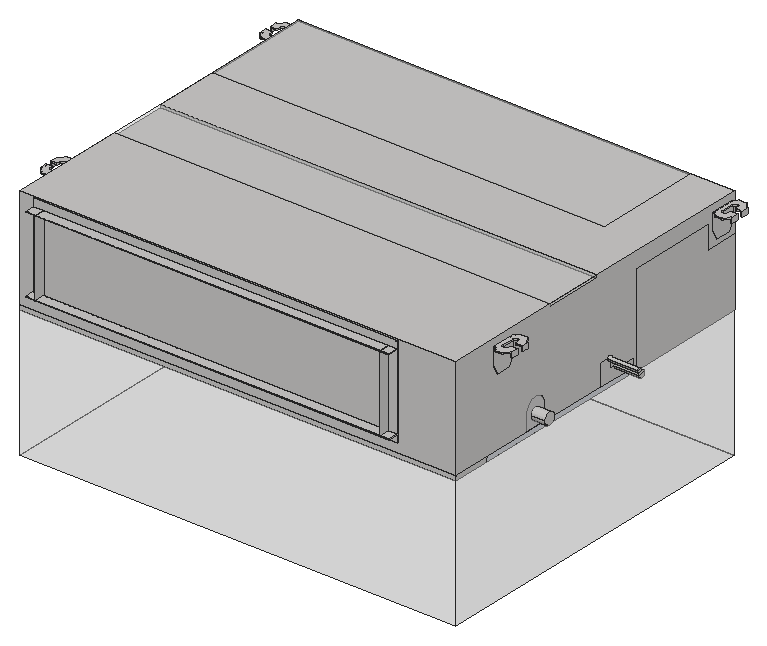
Revit family "outputfile", category 機械設備, Revit 2024
Family settings
  丸型コネクタ寸法 = 半径を使用
  パーツ タイプ = 標準
  OmniClass 番号 = 23.75.10.24.21.27.27
  OmniClass タイトル = Split System Air Conditioning Units
  作業面ベース = いいえ
  常に垂直 = はい
  ロード時にボイドで切り取り = いいえ
  注釈の向きを維持 = いいえ
  共有 = いいえ
  部屋計算ポイント = はい
Parameters (values of type "FXDBQ80AVM")
  Description = ""
  書き出し IFC クラス(タイプ) = "IfcUnitaryEquipmentType"
  定義済み IFC タイプ(タイプ) = "AIRCONDITIONINGUNIT"
  Cost = 0
  Type Comments = ""
  Keynote = ""
  Type Image = (empty or 0)
  Assembly Code = ""
  lh_liquidpipe = [h***] + 60.0 mm  # 60.0 mm
  lh_RA [instance] = if(Rear Connection_Return Air, 125.25 mm + [h***], 245.0 mm + [h***])  # 125.25 mm
  ld_RA_length [instance] = if(Rear Connection_Return Air, 245.0 mm, 126.0 mm)  # 245.0 mm
  l_liquidpipe_length [instance] = 571.0 mm
  l_gaspipe_length [instance] = 558.0 mm
  l_drainpipe_length [instance] = 533.0 mm
  angle_vertica [instance] = 90.00°
  angle horizontal [instance] = if(Right Connection_refrigerant, 180.00°, 0.00°)  # 180.00°
  URL = ""
  Right Connection_refrigerant [instance] = yes
  製造元 = "Daikin"
  モデル = "FXDBQ80AVM"
  w_pipe = 33.0 mm
  r_Liquid Pipe Size = Liquid Pipe Size / 2  # 4.75 mm
  r_Gas Pipe Size = Gas Pipe Size / 2  # 7.95 mm
  r_Drain Pipe Size = Drain Pipe Size / 2  # 12.5 mm
  lw_powersupply = 454.0 mm
  lw_ductflange2 = 902.0 mm
  lw_Width = 835.0 mm
  lh_suctionflange [instance] = 125.25 mm
  ld_suctionflange [instance] = if(Rear Connection_Return Air, 190.0 mm, 100.0 mm)  # 190.0 mm
  ld_powersupply = 60.0 mm
  angle_vertical_RA [instance] = if(Rear Connection_Return Air, 90.00°, 0.00°)  # 90.00°
  angle horizontal_RA [instance] = if(Rear Connection_Return Air, 180.00°, 270.00°)  # 180.00°
  Voltage_comment_60Hz = "220-230"
  Voltage_comment_50Hz = "220-240"
  Voltage_60Hz = 220 V
  Voltage_50Hz = 230 V
  Supply Air Direction [instance] = yes
  Sound Power Level_H speed (dB) = 0
  Rear Connection_Return Air [instance] = not(Bottom Connection_Return Air)  # yes
  RA_length [instance] = 245.0 mm  # constant formula
  Phase_60Hz = 1
  Phase_50Hz = 1
  Minimum External Static Pressure = 15.00 Pa
  Minimum Circuit Amps_60Hz = 1.8 A
  Minimum Circuit Amps_50Hz = 1.8 A
  Maximum Fuse Amps_60Hz = 16.0 A
  Maximum Fuse Amps_50Hz = 16.0 A
  Maximum External Static Pressure = 50.00 Pa
  Material_Casing = DAIKIN_GalvanizedSteel_Casing_indoorunit
  lw_liquidpipe = 71.0 mm  # constant formula
  lw_gaspipe = 58.0 mm  # constant formula
  lw_mountinghole_pitch = 1038.0 mm
  lw_mountinghole = 20.0 mm  # constant formula
  lw_drainpipe = 33.0 mm  # constant formula
  lh_powersupply = 10.0 mm
  lh_gaspipe = [h***] + 38.0 mm  # 38.0 mm
  lh_mountinghole = Height - 15.0 mm + [h***]  # 230.0 mm
  lh_drainpipe = 150.0 mm
  lh_antena = 16.0 mm  # constant formula
  ld_liquidpipe = 193.0 mm  # constant formula
  ld_gaspipe = 130.0 mm  # constant formula
  ld_mountinghole_pitch = 630.0 mm  # constant formula
  ld_drainpipe = 280.0 mm
  ld_controlbox = 626.0 mm  # constant formula
  h*** = 0.0 mm  # constant formula
  d_dischargeflange = 25.0 mm  # constant formula
  Width = 1000.0 mm
  Version = "ver.1.0"
  Unit Type = "3D Airflow Duct with Sensing Type"
  Unit Mass Weight = 36.00 kg
  Unit Designation [instance] = ""
  Uniclass2015Version = "Products v1.30"
  Uniclass2015Title = "Variable refrigerant flow units"
  Uniclass2015Code = "Pr_70_65_03_94"
  Total Heating Capacity [instance] = 0.000 kW
  Total Cooling Capacity [instance] = 0.000 kW
  Sound Pressure Level_M speed (dBA) = 0
  Sound Pressure Level_L speed (dBA) = 30
  Sound Pressure Level_H speed (dBA) = 37
  Series = "VRV Fan Coil Unit"
  Sensible Cooling Capacity [instance] = 0.000 kW
  SA Duct Size Width = 790.0 mm
  SA Duct Size Height = 174.0 mm
  Refrigerant Type = "R410A"
  RA Duct Size Width = 862.0 mm
  RA Duct Size Height [instance] = if(Rear Connection_Return Air, 202.6 mm, 204.0 mm)  # 202.6 mm
  Power Input (Heating) = 0.120 kW
  Power Input (Cooling) = 0.120 kW
  Option Accessory 3 [instance] = ""
  Option Accessory 2 [instance] = ""
  Option Accessory 1 [instance] = ""
  Nominal Heating Capacity = 10.000 kW
  Nominal Cooling Capacity = 9.000 kW
  Minimum Airflow = 1080.00 m³/h
  Median Airflow = 1200.00 m³/h
  Maximum Airflow = 1500.00 m³/h
  Load Classification = HVAC
  Liquid Pipe Size = 9.5 mm
  Link_Nested Family [instance] = ""
  Left Connection_refrigerant [instance] = no
  IfcVersion = "0"
  IfcExportType = "AIRCONDITIONINGUNIT"
  IfcExportAs = "IfcUnitaryEquipmentType"
  Height = 245.0 mm
  Heating Entering Wet Bulb Temperature [instance] = 0.00 °C
  Heating Entering Dry Bulb Temperature [instance] = 0.00 °C
  Heating Ambient Wet Bulb Temperature [instance] = 0.00 °C
  Heating Ambient Dry Bulb Temperature [instance] = 0.00 °C
  Heat Exchanger Type = "Cross Fin Coil"
  Gas Pipe Size = 15.9 mm
  Frequency_60Hz = 60 Hz
  Frequency_50Hz = 50 Hz
  Fan Type = "Sirocco Fan"
  Fan Drive = "Direct Drive"
  FCU Tag No. [instance] = ""
  Drain Pipe Size = 25.0 mm
  Design Supply Airflow [instance] = 0.00 m³/h
  Design Return Airflow [instance] = 0.00 m³/h
  Design External Static Pressure [instance] = 0.00 Pa
  Depth = 800.0 mm
  既定の高さ = 0.0 mm
  Cooling Entering Wet Bulb Temperature [instance] = 0.00 °C
  Cooling Entering Dry Bulb Temperature [instance] = 0.00 °C
  Cooling Ambient Wet Bulb Temperature [instance] = 0.00 °C
  Cooling Ambient Dry Bulb Temperature [instance] = 0.00 °C
  Clearance visibility [instance] = yes
  Clearance Top = 0.0 mm
  Clearance Right = 0.0 mm
  Clearance Rear = 0.0 mm
  Clearance Left = 0.0 mm
  Clearance Front = 0.0 mm
  Clearance Bottom = 300.0 mm
  Bottom Connection_Return Air [instance] = no
Reference planes
  plane 1 "Center (Front/Back)": y = 0
  plane 2: z = 0
  plane 3 "Center (Left/Right)": x = 0
  plane 4 "Back": y = 400
  plane 5 "Front": y = -400
  plane 6 "Left": x = -500
  plane 7 "Right": x = 500
  plane 8 "Top": z = 0
  plane 9 "Bottom": z = -245
  plane 10: x = 330
  plane 11: x = -330
  plane 12: z = -235
  plane 13: z = -6
  plane 14: z = -67
  plane 15: z = -185
  plane 16: z = -207
  plane 17: x = -304
  plane 18: x = 304
  plane 19: x = -519
  plane 20: x = 519
  plane 21: x = -539
  plane 22: x = 390
  plane 23: x = 571
  plane 24: x = 558
  plane 25: x = 533
  plane 26: z = -15
  plane 27: z = -95
  plane 28 "Clearance Left": x = -500
  plane 29 "Clearance Right": x = 500
  plane 30 "Clearance Rear": y = 400
  plane 31 "Clearance Front": y = -400
  plane 32 "Clearance Top": z = 0
  plane 33 "Clearance Bottom": z = -545
  plane 34: z = -21
  plane 35: z = -206
  plane 36: z = -141.5
  plane 37: x = -40
  plane 38: y = 61
  plane 39: y = 39
  plane 40: y = -30
  plane 41: y = -171
  plane 42: z = -97.5
  plane 43: y = -400
  plane 44: x = -499
  plane 45: z = -145
  plane 46: z = -355
  plane 47: y = 210
  plane 48: z = 331
  plane 49: z = -244
  plane 50: y = 210
  plane 51: z = -146
  plane 52: x = 533
  plane 53: x = 495
  plane 54: x = 505
  plane 55: x = 501
  plane 56: x = 401
  plane 57: x = 499.004
  plane 58: x = -499
  plane 59: x = 454
  plane 60: z = -108
  plane 61: z = -234
  plane 62: x = -467
  plane 63: z = -3
  plane 64: x = -49.5
  plane 65: z = -1
  plane 66: y = 155
  plane 67: x = -50
  plane 68: y = -266
  plane 69: y = 364
  plane 70: z = -15
  plane 71: z = -185
  plane 72: z = -207
  plane 73: x = -533
  plane 74: x = -501
  plane 75: x = -571
  plane 76: x = -558
  plane 77: y = 280.25
  plane 78: z = 125.25
  plane 79: y = 117.5
  plane 80: z = -36.4
  plane 81: y = 399
Forms (mm)
  Extrusion 1, solid
    sketch origin (0, 0, 0) x (1, 0, 0) y (0, 0, 1)
      loop
        line (-500, -235) -> (-500, -245) -> (500, -245) -> (500, -235) -> (-500, -235)
    from -116.5 to 310
  Extrusion 2, solid, material "DAIKIN_GalvanizedSteel_Casing_indoorunit" <- "Material_Casing"
    sketch origin (0, 0, 0) x (1, 0, 0) y (0, 1, 0)
      loop
        line (-500, -400) -> (500, -400) -> (500, 400) -> (-500, 400) -> (-500, -400)
    from -245 to 0
  Extrusion 3, void
    sketch origin (0, 0, 1) x (1, 0, 0) y (0, 1, 0)
      loop
        line (-500, -128.821) -> (500, -128.821) -> (500, 4.179) -> (-500, 4.179) -> (-500, -128.821)
    from -1 to -7
  Revolve 4, solid, material "DAIKIN_GalvanizedSteel_Casing_indoorunit" <- "Material_Casing"
    sketch origin (0, 0, -207) x (0, -1, 0) y (1, 0, 0)
      loop
        line (-68.95, 501) -> (-61, 501) -> (-61, 558) -> (-68.95, 558) -> (-68.95, 501)
      axis (-61, 501) -> (-61, 558)
    angle from 0 to 360
  Revolve 5, solid, material "DAIKIN_GalvanizedSteel_Casing_indoorunit" <- "Material_Casing"
    sketch origin (0, 0, -185) x (0, -1, 0) y (1, 0, 0)
      loop
        line (-39, 501) -> (-39, 571) -> (-43.75, 571) -> (-43.75, 501) -> (-39, 501)
      axis (-39, 571) -> (-39, 501)
    angle from 0 to 360
  Extrusion 6, solid, material "DAIKIN_GalvanizedSteel_Casing_indoorunit" <- "Material_Casing"
    sketch origin (0, 0, 0) x (0, 1, 0) y (0, 0, 1)
      loop
        circle (-171, -206) r 13
    from 533 to 499.004
  Extrusion 7, solid, material "DAIKIN_GalvanizedSteel_Casing_indoorunit" <- "Material_Casing"
    sketch origin (0, 0, 0) x (1, 0, 0) y (0, 0, 1)
      loop
        line (-500, -235) -> (-500, -245) -> (500, -245) -> (500, -235) -> (-500, -235)
    from -116.5 to 400
  Extrusion 8, void
    sketch origin (0, 0, 0) x (1, 0, 0) y (0, 0, 1)
      loop
        line (401, 0) -> (-499, 0) -> (-499, -1) -> (401, -1) -> (401, 0)
    from -400 to -152.5
  Extrusion 9, solid, material "DAIKIN_GalvanizedSteel_Casing_indoorunit" <- "Material_Casing", visible <- "Rear Connection_Return Air"
    sketch origin (0, 0, 0) x (1, 0, 0) y (0, 1, 0)
      loop
        line (-499, 400) -> (-499, 152.5) -> (401, 152.5) -> (401, 400) -> (-499, 400)
    from -245 to -244
  Extrusion 10, solid, material "DAIKIN_GalvanizedSteel_Casing_indoorunit" <- "Material_Casing", visible <- "Bottom Connection_Return Air"
    sketch origin (0, 0, 0) x (1, 0, 0) y (0, 0, 1)
      loop
        line (401, -1) -> (-499, -1) -> (-499, -245) -> (401, -245) -> (401, -1)
    from -400 to -399
  Extrusion 11, void
    sketch origin (0, 0, 0) x (0, 1, 0) y (0, 0, 1)
      loop
        arc (-143.5, -198.721) -> (-171, -171.221) -> (-198.5, -198.721) r 27.5
        line (-198.5, -198.721) -> (-198.5, -235) -> (-143.5, -235) -> (-143.5, -198.721)
    from 499.004 to 500
  Extrusion 12, solid, material "DAIKIN_GalvanizedSteel_Casing_indoorunit" <- "Material_Casing"
    sketch origin (0, 0, 0) x (0, 1, 0) y (0, 0, 1)
      loop
        line (35.8, -185) -> (16.8, -185) -> (16.8, -235) -> (107.3, -235) -> (107.3, -217) -> (67.3, -217) -> (67.3, -207)
        arc (67.3, -207) -> (60.975, -213.325) -> (54.65, -207) r 6.325
        line (54.65, -207) -> (42.2, -207) -> (42.2, -185)
        arc (42.2, -185) -> (39, -188.2) -> (35.8, -185) r 3.2
    from 500 to 501
  Extrusion 13, void
    sketch origin (0, 0, 0) x (0, 1, 0) y (0, 0, -1)
      loop
        line (-143.5, 198.721) -> (-143.5, 235) -> (-198.5, 235) -> (-198.5, 198.721)
        arc (-198.5, 198.721) -> (-171, 171.221) -> (-143.5, 198.721) r 27.5
    from 499 to 500
  Extrusion 14, solid, material "DAIKIN_GalvanizedSteel_Casing_indoorunit" <- "Material_Casing"
    sketch origin (0, 0, 0) x (0, 1, 0) y (0, 0, -1)
      loop
        circle (-171, 206) r 13
    from 533 to 499
  Extrusion 15, solid, material "DAIKIN_GalvanizedSteel_Casing_indoorunit" <- "Material_Casing"
    sketch origin (0, 0, 0) x (0, 1, 0) y (0, 0, -1)
      loop
        arc (35.8, 185) -> (39, 188.2) -> (42.2, 185) r 3.2
        line (42.2, 185) -> (42.2, 207) -> (54.65, 207)
        arc (54.65, 207) -> (60.975, 213.325) -> (67.3, 207) r 6.325
        line (67.3, 207) -> (67.3, 217) -> (107.3, 217) -> (107.3, 235) -> (16.8, 235) -> (16.8, 185) -> (35.8, 185)
    from 500 to 501
  Revolve 16, solid, material "DAIKIN_GalvanizedSteel_Casing_indoorunit" <- "Material_Casing"
    sketch origin (0, 0, -185) x (0, -1, 0) y (1, 0, 0)
      loop
        line (-39, -501) -> (-43.75, -501) -> (-43.75, -571) -> (-39, -571) -> (-39, -501)
      axis (-39, -571) -> (-39, -501)
    angle from 0 to 360
  Revolve 17, solid, material "DAIKIN_GalvanizedSteel_Casing_indoorunit" <- "Material_Casing"
    sketch origin (0, 0, -207) x (0, -1, 0) y (1, 0, 0)
      loop
        line (-68.95, -501) -> (-68.95, -558) -> (-61, -558) -> (-61, -501) -> (-68.95, -501)
      axis (-61, -501) -> (-61, -558)
    angle from 0 to 360
  Extrusion 18, solid, material "DAIKIN_GalvanizedSteel_Casing_indoorunit" <- "Material_Casing"
    sketch origin (0, 0, 0) x (0, 1, 0) y (0, 0, 1)
      loop
        line (117.5, -36.4) -> (117.5, -245) -> (400, -245) -> (400, -88) -> (322.4, -88) -> (322.4, -36.4) -> (117.5, -36.4)
    from 501 to 500
Cuts and joins
  Extrusion 3, Extrusion 8, Extrusion 11, Extrusion 13 cuts Extrusion 2
  Extrusion 8, Extrusion 11, Extrusion 13 cuts Extrusion 7
Dimensions and locks
  "lh_powersupply": plane 12 to plane 9 "Bottom"
  locked: plane 8 "Top" to plane 13 at 6
  "Height": plane 8 "Top" to plane 9 "Bottom"
  equal spacing: plane 17, plane 3 "Center (Left/Right)", plane 18, locked at 304 each
  locked: plane 17 to plane 18 at 608
  equal spacing: plane 19, plane 3 "Center (Left/Right)", plane 20
  "lw_mountinghole_pitch": plane 19 to plane 20
  locked: plane 14 to plane 9 "Bottom" at 178
  "lw_mountinghole": plane 21 to plane 19
  locked: plane 15 to plane 9 "Bottom" at 60
  "lh_gaspipe": plane 16 to plane 9 "Bottom"
  "lh_mountinghole": plane 26 to plane 9 "Bottom"
  equal spacing: plane 6 "Left", plane 3 "Center (Left/Right)", plane 7 "Right"
  "Width": plane 6 "Left" to plane 7 "Right"
  "lh_drainpipe": plane 27 to plane 9 "Bottom"
  "Clearance Right": plane 7 "Right" to plane 29 "Clearance Right"
  "Clearance Left": plane 28 "Clearance Left" to plane 6 "Left"
  "lw_gaspipe": plane 7 "Right" to plane 24
  "lw_liquidpipe": plane 7 "Right" to plane 23
  "lw_drainpipe": plane 7 "Right" to plane 25
  "Clearance Rear": plane 30 "Clearance Rear" to plane 4 "Back"
  "Clearance Front": plane 5 "Front" to plane 31 "Clearance Front"
  "Clearance Top": plane 32 "Clearance Top" to plane 8 "Top"
  "Clearance Bottom": plane 9 "Bottom" to plane 33 "Clearance Bottom"
  locked: plane 8 "Top" to plane 34 at 21
  locked: plane 8 "Top" to plane 35 at 206
  locked: plane 36 to plane 9 "Bottom" at 103.5
  locked: plane 34 to plane 42 at 76.5
  locked: plane 44 to plane 6 "Left" at 1
  locked: plane 12 to plane 45 at 90
  locked: plane 46 to plane 33 "Clearance Bottom" at 190
  plane 48 to plane 26 = 346.0 mm
  locked: plane 49 to plane 9 "Bottom" at 1
  "ld_suctionflange": plane 4 "Back" to plane 50
  locked: plane 51 to plane 9 "Bottom" at 99
  locked: plane 7 "Right" to plane 52 at 33
  locked: plane 53 to plane 7 "Right" at 5
  locked: plane 7 "Right" to plane 54 at 5
  locked: plane 7 "Right" to plane 55 at 1
  plane 7 "Right" to plane 56 = 99.0 mm
  locked: plane 7 "Right" to plane 57 at 0.996
  locked: plane 58 to plane 6 "Left" at 1
  "lw_powersupply": plane 3 "Center (Left/Right)" to plane 59
  locked: plane 61 to plane 9 "Bottom" at 11
  locked: plane 6 "Left" to plane 62 at 33
  locked: plane 8 "Top" to plane 63 at 3
  locked: plane 8 "Top" to plane 65 at 1
  plane 66 to plane 4 "Back" = 245.0 mm
  "ld_mountinghole_pitch": plane 69 to plane 68
  locked: plane 8 "Top" to plane 70 at 15
  "Depth": plane 4 "Back" to plane 43
  equal spacing: plane 4 "Back", plane 1 "Center (Front/Back)", plane 43, locked at 400 each
  locked: plane 31 "Clearance Front" to plane 41 at 229
  locked: plane 31 "Clearance Front" to plane 39 at 439
  locked: plane 39 to plane 38 at 22
  locked: plane 8 "Top" to plane 71 at 185
  locked: plane 71 to plane 72 at 22
  locked: plane 60 to plane 9 "Bottom" at 137
  plane 72 to plane 9 "Bottom" = 38.0 mm
  locked: plane 73 to plane 6 "Left" at 33
  locked: plane 74 to plane 6 "Left" at 1
  locked: plane 75 to plane 6 "Left" at 71
  locked: plane 76 to plane 6 "Left" at 58
  "r_Liquid Pipe Size": Revolve 5 sketch curve to Revolve 5 sketch curve
  "r_Gas Pipe Size": Revolve 4 sketch curve to Revolve 4 sketch curve
  "lh_suctionflange": plane 78 to level
  "r_Liquid Pipe Size": Revolve 16 sketch curve to Revolve 16 sketch curve
  "r_Gas Pipe Size": Revolve 17 sketch curve to Revolve 17 sketch curve
  locked: plane 68 to plane 43 at 134
  "ld_RA_length": plane 30 "Clearance Rear" to plane 66
  locked: plane 30 "Clearance Rear" to Extrusion 9 sketch curve at 247.5
  locked: plane 79 to plane 30 "Clearance Rear" at 282.5
  locked: plane 80 to plane 9 "Bottom" at 208.6
  locked: Extrusion 18 sketch curve to Extrusion 18 sketch curve at 51.6
  locked: Extrusion 18 sketch curve to nested 8 at 77.6
  locked: plane 4 "Back" to plane 81 at 1
  aligned and locked: level to plane 2
  aligned and locked: Extrusion 2 to plane 9 "Bottom"
  aligned and locked: plane 8 "Top" to Extrusion 2
  aligned and locked: Revolve 4 sketch curve to Revolve 4 sketch curve
  aligned and locked: plane 20 to nested 2
  aligned and locked: plane 19 to nested 3
  aligned and locked: plane 19 to nested 4
  aligned and locked: nested 7 to plane 12
  aligned and locked: Extrusion 7 to plane 9 "Bottom"
  aligned and locked: Extrusion 6 sketch curve to plane 41
  aligned and locked: plane 4 "Back" to Extrusion 8
  aligned and locked: plane 8 "Top" to Extrusion 3
  aligned and locked: plane 9 "Bottom" to Extrusion 9  (x2)
  aligned and locked: Extrusion 9 to plane 49
  aligned and locked: Extrusion 8 to level
  aligned and locked: plane 30 "Clearance Rear" to nested 8
  aligned and locked: plane 29 "Clearance Right" to nested 8
  aligned and locked: plane 28 "Clearance Left" to nested 8
  aligned and locked: nested 8 to plane 32 "Clearance Top"
  aligned and locked: nested 8 to plane 33 "Clearance Bottom"
  aligned and locked: Extrusion 3 to plane 13
  aligned and locked: plane 7 "Right" to cut or joined group of Extrusion 2, Extrusion 3, Extrusion 8, Extrusion 11, Extrusion 13  (x2)
  aligned and locked: plane 52 to Extrusion 6
  aligned and locked: plane 56 to Extrusion 8 sketch curve
  aligned and locked: Extrusion 9 to plane 56
  aligned and locked: cut or joined group of Extrusion 2, Extrusion 3, Extrusion 8, Extrusion 11, Extrusion 13 to plane 43
  aligned and locked: nested 7 to plane 59
  aligned and locked: nested 6 to plane 1 "Center (Front/Back)"
  aligned and locked: plane 3 "Center (Left/Right)" to nested 6
  aligned and locked: plane 60 to nested 5  (x2)
  aligned and locked: nested 10 to plane 62
  aligned and locked: nested 10 to plane 63
  aligned and locked: plane 64 to nested 5
  aligned and locked: nested 11 to plane 58
  aligned and locked: plane 4 "Back" to nested 11
  aligned and locked: plane 65 to nested 11
  aligned and locked: plane 4 "Back" to Extrusion 10
  aligned and locked: plane 65 to Extrusion 10
  aligned and locked: Extrusion 10 to plane 9 "Bottom"
  aligned and locked: Extrusion 10 to plane 56
  aligned and locked: plane 4 "Back" to nested 7
  aligned and locked: nested 13 to plane 68
  aligned and locked: plane 6 "Left" to nested 13
  aligned and locked: plane 68 to nested 12
  aligned and locked: nested 12 to plane 7 "Right"
  aligned and locked: nested 15 to plane 69
  aligned and locked: plane 6 "Left" to nested 15
  aligned and locked: plane 69 to nested 14
  aligned and locked: nested 14 to plane 7 "Right"
  aligned and locked: plane 70 to nested 13
  aligned and locked: plane 70 to nested 15
  aligned and locked: plane 20 to nested 1
  aligned and locked: nested 1 to plane 69
  aligned and locked: nested 4 to plane 69
  aligned and locked: nested 3 to plane 68
  aligned and locked: nested 2 to plane 68
  aligned and locked: cut or joined group of Extrusion 2, Extrusion 3, Extrusion 8, Extrusion 11, Extrusion 13 to plane 57
  aligned and locked: Extrusion 6 to plane 57
  aligned and locked: nested 5 to plane 64
  aligned and locked: nested 5 to plane 43
  aligned and locked: cut or joined group of Extrusion 7, Extrusion 8, Extrusion 11, Extrusion 13 to plane 43
  aligned and locked: plane 7 "Right" to Extrusion 12
  aligned and locked: plane 55 to Extrusion 12
  aligned and locked: plane 71 to Revolve 5
  aligned and locked: plane 72 to Revolve 4
  aligned and locked: plane 72 to Extrusion 12
  aligned and locked: Extrusion 12 to plane 12
  aligned and locked: plane 71 to Extrusion 12
  aligned and locked: cut or joined group of Extrusion 2, Extrusion 3, Extrusion 8, Extrusion 11, Extrusion 13 to plane 6 "Left"  (x2)
  aligned and locked: plane 58 to cut or joined group of Extrusion 2, Extrusion 3, Extrusion 8, Extrusion 11, Extrusion 13
  aligned and locked: plane 58 to Extrusion 14
  aligned and locked: Extrusion 14 to plane 73
  aligned and locked: plane 6 "Left" to Extrusion 15
  aligned and locked: Extrusion 15 to plane 74
  aligned and locked: Revolve 16 to plane 74
  aligned and locked: Revolve 16 to plane 75
  aligned and locked: Revolve 17 sketch curve to Revolve 17 sketch curve
  aligned and locked: Revolve 17 to plane 74
  aligned and locked: Revolve 17 to plane 76
  aligned and locked: nested 16 to plane 39
  aligned and locked: nested 17 to plane 38
  aligned and locked: nested 17 to plane 3 "Center (Left/Right)"
  aligned and locked: plane 71 to Revolve 16
  aligned and locked: plane 72 to Revolve 17
  aligned and locked: plane 43 to nested 10
  aligned and locked: nested 8 to plane 43
  aligned and locked: nested 18 to plane 41
  aligned and locked: plane 3 "Center (Left/Right)" to nested 18
  aligned and locked: plane 35 to nested 18
  aligned and locked: nested 9 to plane 67  (x2)
  aligned and locked: nested 12 to plane 70
  aligned and locked: nested 14 to plane 70
  aligned and locked: nested 9 to plane 66
  aligned and locked: plane 29 "Clearance Right" to Extrusion 18
  aligned and locked: plane 55 to Extrusion 18
  aligned and locked: plane 80 to Extrusion 18
  aligned and locked: plane 79 to Extrusion 18
  aligned and locked: nested 19 to plane 9 "Bottom"
  aligned and locked: nested 19 to plane 56
  aligned and locked: nested 19 to plane 81
  aligned and locked: level to plane 8 "Top"
Automatic sketch dimensions
  Extrusion 1 sketch curve to plane 6 "Left" = 0.0 mm
  Extrusion 1 sketch curve to plane 7 "Right" = 0.0 mm
  Extrusion 1 sketch curve to plane 9 "Bottom" = 0.0 mm
  Extrusion 1 sketch curve to plane 12 = 0.0 mm
  Extrusion 2 sketch curve to plane 4 "Back" = 0.0 mm
  Extrusion 2 sketch curve to plane 6 "Left" = 0.0 mm
  Extrusion 2 sketch curve to plane 7 "Right" = 0.0 mm
  Extrusion 2 sketch curve to plane 43 = 0.0 mm
  Extrusion 3 sketch curve to plane 6 "Left" = 0.0 mm
  Extrusion 3 sketch curve to plane 7 "Right" = 0.0 mm
  plane 41 to Extrusion 3 sketch curve = 42.179 mm
  Extrusion 3 sketch curve to plane 1 "Center (Front/Back)" = 4.179 mm
  Revolve 4 sketch curve to plane 24 = 0.0 mm
  Revolve 4 sketch curve to plane 38 = 0.0 mm
  Revolve 4 sketch curve to plane 55 = 0.0 mm
  plane 55 to Revolve 4 sketch curve = 1.003 mm
  plane 24 to Revolve 4 sketch curve = 1.003 mm
  Revolve 5 sketch curve to plane 39 = 0.0 mm  (x2)
  Revolve 5 sketch curve to plane 23 = 0.0 mm  (x2)
  Revolve 5 sketch curve to plane 55 = 0.0 mm  (x2)
  Extrusion 6 sketch curve to plane 35 = 0.0 mm
  Extrusion 7 sketch curve to plane 6 "Left" = 0.0 mm
  Extrusion 7 sketch curve to plane 7 "Right" = 0.0 mm
  Extrusion 7 sketch curve to plane 9 "Bottom" = 0.0 mm
  Extrusion 7 sketch curve to plane 12 = 0.0 mm
  Extrusion 9 sketch curve to plane 44 = 0.0 mm
  Extrusion 9 sketch curve to plane 4 "Back" = 0.0 mm
  Extrusion 9 sketch curve to plane 56 = 0.0 mm
  Extrusion 10 sketch curve to plane 44 = 0.0 mm
  Extrusion 10 sketch curve to plane 9 "Bottom" = 0.0 mm
  Extrusion 10 sketch curve to plane 56 = 0.0 mm
  Extrusion 10 sketch curve to plane 65 = 0.0 mm
  Extrusion 11 sketch curve to plane 12 = 0.0 mm
  Extrusion 11 sketch curve to plane 41 = 0.0 mm
  Extrusion 11 sketch curve to plane 41 = 27.5 mm
  plane 35 to Extrusion 11 sketch curve = 7.279 mm
  Extrusion 12 sketch curve to plane 15 = 0.0 mm
  Extrusion 12 sketch curve to plane 12 = 0.0 mm
  Extrusion 12 sketch curve to plane 39 = 0.0 mm
  Extrusion 12 sketch curve to plane 72 = 0.0 mm
  Extrusion 12 sketch curve to Extrusion 12 sketch curve = 3.2 mm
  Extrusion 12 sketch curve to plane 1 "Center (Front/Back)" = 16.8 mm
  Extrusion 12 sketch curve to plane 38 = 6.35 mm
  Extrusion 12 sketch curve to plane 38 = 0.025 mm
  Extrusion 12 sketch curve to Extrusion 12 sketch curve = 40.0 mm
  Extrusion 12 sketch curve to Extrusion 12 sketch curve = 10.0 mm
  Extrusion 13 sketch curve to plane 12 = 0.0 mm
  Extrusion 13 sketch curve to plane 41 = 0.0 mm
  Extrusion 13 sketch curve to plane 41 = 27.5 mm
  plane 35 to Extrusion 13 sketch curve = 7.279 mm
  Extrusion 14 sketch curve to plane 35 = 0.0 mm
  Extrusion 14 sketch curve to plane 41 = 0.0 mm
  Extrusion 15 sketch curve to plane 15 = 0.0 mm
  Extrusion 15 sketch curve to plane 12 = 0.0 mm
  Extrusion 15 sketch curve to plane 39 = 0.0 mm
  Extrusion 15 sketch curve to plane 72 = 0.0 mm
  Extrusion 15 sketch curve to Extrusion 15 sketch curve = 3.2 mm
  Extrusion 15 sketch curve to plane 1 "Center (Front/Back)" = 16.8 mm
  Extrusion 15 sketch curve to plane 38 = 6.35 mm
  Extrusion 15 sketch curve to plane 38 = 0.025 mm
  Extrusion 15 sketch curve to Extrusion 15 sketch curve = 40.0 mm
  Extrusion 15 sketch curve to Extrusion 15 sketch curve = 10.0 mm
  Revolve 16 sketch curve to plane 74 = 0.0 mm  (x2)
  Revolve 16 sketch curve to plane 75 = 0.0 mm  (x2)
  Revolve 16 sketch curve to plane 39 = 0.0 mm  (x2)
  Revolve 17 sketch curve to plane 74 = 0.0 mm
  Revolve 17 sketch curve to plane 38 = 0.0 mm
  plane 75 to Revolve 17 sketch curve = 13.0 mm
  Revolve 17 sketch curve to plane 74 = 1.003 mm
  Revolve 17 sketch curve to Revolve 17 sketch curve = 1.003 mm
  Extrusion 8 sketch curve to plane 44 = 0.0 mm
  Extrusion 8 sketch curve to level = 0.0 mm
  Extrusion 8 sketch curve to plane 65 = 0.0 mm
  Extrusion 18 sketch curve to plane 9 "Bottom" = 0.0 mm
  Extrusion 18 sketch curve to plane 79 = 0.0 mm
  Extrusion 18 sketch curve to plane 80 = 0.0 mm
  Extrusion 18 sketch curve to plane 4 "Back" = 0.0 mm
  radius of Extrusion 6 sketch curve = 13.0 mm
  radius of Extrusion 14 sketch curve = 13.0 mm
Nested families
  nested 1: "daikin_mountinghole" at (519, 364, -245), l_antenna <- "lh_antena", Link_Nested Family <- "Link_Nested Family", h_mountinghole <- "lh_mountinghole", type "daikin_mountinghole"
    with show yes, l_antenna 16.0 mm, h_mountinghole 230.0 mm, Link_Nested Family ""
  nested 2: "daikin_mountinghole" at (519, -266, -245), Link_Nested Family <- "Link_Nested Family", l_antenna <- "lh_antena", h_mountinghole <- "lh_mountinghole", type "daikin_mountinghole"
    with show yes, l_antenna 16.0 mm, h_mountinghole 230.0 mm, Link_Nested Family ""
  nested 3: "daikin_mountinghole" at (-519, -266, -245), l_antenna <- "lh_antena", Link_Nested Family <- "Link_Nested Family", h_mountinghole <- "lh_mountinghole", type "daikin_mountinghole"
    with show yes, l_antenna 16.0 mm, h_mountinghole 230.0 mm, Link_Nested Family ""
  nested 4: "daikin_mountinghole" at (-519, 364, -245), l_antenna <- "lh_antena", Link_Nested Family <- "Link_Nested Family", h_mountinghole <- "lh_mountinghole", type "daikin_mountinghole"
    with show yes, l_antenna 16.0 mm, h_mountinghole 230.0 mm, Link_Nested Family ""
  nested 5: "daikin_connector_rotate2" at (-49.5, -400, -108), length <- "d_dischargeflange", type "daikin_connector_rotate2"
    with radius 10.0 mm, length 25.0 mm, angle_vertical 90.00°, show_face no
  nested 6: "daikin_△_symbolicline" at (-75, -129.904, 245) x (-0.5, 0.866, 0) z (0, 0, 1), built-in parameter 1001364 <- "Height", visible <- "Supply Air Direction", type "daikin_△_symbolicline"
    with length 300.0 mm
  nested 7: "daikin_connector_rotate2" at (454, 340, -235) x (-1, 0, 0) z (0, 0, 1), built-in parameter 1001364 <- "lw_powersupply", length <- "ld_powersupply", type "daikin_connector_rotate2"
    with radius 10.0 mm, length 60.0 mm, angle_vertical 90.00°, show_face no
  nested 8: "daikin_clearancespace" at (0, 0, -272.381), visible <- "Clearance visibility", show <- "Clearance visibility", Link_Nested Family <- "Link_Nested Family", type "daikin_clearancespace"
    with width 1000.0 mm, show yes, height 545.0 mm, depth 800.0 mm, Link_Nested Family ""
  nested 9: "daikin_connector_rotate3" at (-50, 155, -119.75), angle_vertical <- "angle_vertical_RA", angle_horizontal <- "angle horizontal_RA", length <- "RA_length", built-in parameter 1001364 <- "lh_RA", type "daikin_connector_rotate3"
    with show no, radius 10.0 mm, length 245.0 mm, angle_vertical 90.00°, angle_horizontal 180.00°
  nested 10: "daikin_ductflange_FXDBQ-AVM" at (-49.5, -86.5, -385.201), width <- "lw_Width", material <- "Material_Casing", type "daikin_ductflange_FXDBQ-AVM"
    with width 835.0 mm, material DAIKIN_GalvanizedSteel_Casing_indoorunit, height 176.0 mm, depth 25.0 mm
  nested 11: "daikin_ductflange_FXDBQ-AVM2" at (-49, 400, -119.75), material <- "Material_Casing", visible <- "Rear Connection_Return Air", width <- "lw_ductflange2", rear <- "Rear Connection_Return Air", bottom <- "Bottom Connection_Return Air", type "daikin_ductflange_FXDBQ-AVM2"
    with width 902.0 mm, rear yes, material DAIKIN_GalvanizedSteel_Casing_indoorunit, height 245.0 mm, depth 1.0 mm, bottom no, H2 18.5 mm, H1 202.5 mm
  nested 12: "daikin_hangerfixture_FXDBQ-AVM" at (500, -266, -15) x (0, 1, 0) z (0, 0, 1), type "daikin_hangerfixture_FXDBQ-AVM"
  nested 13: "daikin_hangerfixture_FXDBQ-AVM" at (-500, -266, -15) x (0, -1, 0) z (0, 0, 1), type "daikin_hangerfixture_FXDBQ-AVM"
  nested 14: "daikin_hangerfixture_FXDBQ-AVM" at (500, 364, -15) x (0, 1, 0) z (0, 0, 1), type "daikin_hangerfixture_FXDBQ-AVM"
  nested 15: "daikin_hangerfixture_FXDBQ-AVM" at (-500, 364, -15) x (0, -1, 0) z (0, 0, 1), type "daikin_hangerfixture_FXDBQ-AVM"
  nested 16: "daikin_connector_rotate3" at (0, 39, -185) x (0, -1, 0) z (0, 0, 1), radius <- "r_Liquid Pipe Size", angle_vertical <- "angle_vertica", length <- "l_liquidpipe_length", angle_horizontal <- "angle horizontal", type "daikin_connector_rotate3"
    with show no, radius 4.75 mm, length 571.0 mm, angle_vertical 90.00°, angle_horizontal 180.00°
  nested 17: "daikin_connector_rotate3" at (0, 61, -207) x (0, -1, 0) z (0, 0, 1), angle_vertical <- "angle_vertica", angle_horizontal <- "angle horizontal", length <- "l_gaspipe_length", radius <- "r_Gas Pipe Size", type "daikin_connector_rotate3"
    with show no, radius 7.95 mm, length 558.0 mm, angle_vertical 90.00°, angle_horizontal 180.00°
  nested 18: "daikin_connector_rotate3" at (0, -171, -206) x (0, -1, 0) z (0, 0, 1), angle_vertical <- "angle_vertica", angle_horizontal <- "angle horizontal", length <- "l_drainpipe_length", radius <- "r_Drain Pipe Size", type "daikin_connector_rotate3"
    with show no, radius 12.5 mm, length 533.0 mm, angle_vertical 90.00°, angle_horizontal 180.00°
  nested 19: "daikin_ductflange_FXDBQ-AVM2" at (-49, 274.75, -244) x (1, 0, 0) z (0, -1, 0), width <- "lw_ductflange2", material <- "Material_Casing", visible <- "Bottom Connection_Return Air", rear <- "Rear Connection_Return Air", bottom <- "Bottom Connection_Return Air", type "daikin_ductflange_FXDBQ-AVM2"
    with width 902.0 mm, rear yes, material DAIKIN_GalvanizedSteel_Casing_indoorunit, height 245.0 mm, depth 1.0 mm, bottom no, H2 18.5 mm, H1 202.5 mm
Connectors
  hvac at (-49.5, -425, -108), driven by "SA Duct Size Height", driven by "SA Duct Size Width"
    settings: on nested 5, index 7, duct flow 0.00 m³/h, flow factor 0, pres drop 0.00 Pa, loss coef 0, conn angle 0.00°, conn width 790.0 mm, conn height 174.0 mm, conn diameter 609.6 mm, duct sys type 1, conn prof type 1, flow config 0, flow direction 2, loss method 4, conn ref index -1, conn util no, is conn primary yes, conn desc "SA Duct"
  electrical at (454, 400, -235), driven by "Load Classification"
    settings: on nested 7, index 9, voltage 0 V, apparent load 0 VA, apparent load phase1 0 VA, apparent load phase2 0 VA, apparent load phase3 0 VA, power factor 1, load classification "HVAC", number of poles 1, system type 30, power factor state 1, is connector primary yes, connector utility no, sub classification motor no, connector description "Power Supply"
  hvac at (-50, 400, -119.75), driven by "RA Duct Size Height", driven by "RA Duct Size Width"
    settings: on nested 9, index 10, duct flow 0.00 m³/h, flow factor 0, pres drop 0.00 Pa, loss coef 0, conn angle 0.00°, conn width 862.0 mm, conn height 202.6 mm, conn diameter 609.6 mm, duct sys type 2, conn prof type 1, flow config 0, flow direction 1, loss method 4, conn ref index -1, conn util no, is conn primary no, conn desc "RA Duct"
  piping at (558, 61, -207), diameter 15.9, driven by "r_Gas Pipe Size"
    settings: on nested 17, index 13, connector inside diameter 609.6 mm, connector length 0.0 mm, flow factor 0, pipe flow 0.00 m³/h, pressure drop 0.0 Pa, fitting loss kfactor 0, connector angle 0.00°, fixture units 0, engagement length 0.0 mm, angle of deflection 0.00°, flow configuration 1, flow direction 2, fitting loss method 0, system type 29, joint type 0, gender type 0, connector reference index -1, connector utility 0, adjustable connector no, is connector primary yes, connector description "Refrigerant Gas Piping"
  piping at (571, 39, -185), diameter 9.5, driven by "r_Liquid Pipe Size"
    settings: on nested 16, index 14, connector inside diameter 609.6 mm, connector length 0.0 mm, flow factor 0, pipe flow 0.00 m³/h, pressure drop 0.0 Pa, fitting loss kfactor 0, connector angle 0.00°, fixture units 0, engagement length 0.0 mm, angle of deflection 0.00°, flow configuration 1, flow direction 1, fitting loss method 0, system type 29, joint type 0, gender type 0, connector reference index -1, connector utility 0, adjustable connector no, is connector primary no, connector description "Refrigerant Liquid Piping"
  piping at (533, -171, -206), diameter 25, driven by "r_Drain Pipe Size"
    settings: on nested 18, index 15, connector inside diameter 609.6 mm, connector length 0.0 mm, flow factor 0, pipe flow 0.00 m³/h, pressure drop 0.0 Pa, fitting loss kfactor 0, connector angle 0.00°, fixture units 0, engagement length 0.0 mm, angle of deflection 0.00°, flow configuration 1, flow direction 2, fitting loss method 4, system type 16, joint type 0, gender type 0, connector reference index -1, connector utility 0, adjustable connector no, is connector primary no, connector description "Condensate Drain Piping"
Definition of nested family "daikin_clearancespace"
  Parameters (values of type "daikin_clearancespace")
    width [instance] = 1823.963 mm
    show [instance] = yes
    material = none
    height [instance] = 1359.762 mm
    depth [instance] = 880.0 mm
    Default Elevation = 0.0 mm
    Link_Nested Family [instance] = ""
  Reference planes
    plane 1 "Center (Front/Back)": y = 0
    plane 2 "Center (Elevation)": z = -0.119
    plane 3 "Center (Left/Right)": x = 0
    plane 4: y = 440
    plane 5: y = -440
    plane 6 "Right": x = 911.982
    plane 7 "Left": x = -911.982
    plane 8 "Top": z = 679.762
    plane 9 "Bottom": z = -680
  Forms (mm)
    Extrusion 1, solid, material <- "material", visible <- "show"
      sketch origin (0, 0, 0) x (1, 0, 0) y (0, 1, 0)
        loop
          line (-911.982, 440) -> (-911.982, -440) -> (911.982, -440) -> (911.982, 440) -> (-911.982, 440)
      from -680 to 679.762
  Lines and regions (mm)
    symbolic lines, visible <- "show"
      curve 1: line (911.982, 440, 0) -> (-911.982, 440, 0)
      curve 2: line (-911.982, 440, 0) -> (-911.982, -440, 0)
      curve 3: line (-911.982, -440, 0) -> (911.982, -440, 0)
      curve 4: line (911.982, -440, 0) -> (911.982, 440, 0)
      curve 5: line (911.982, 0, 679.762) -> (-911.982, 0, 679.762)
      curve 6: line (911.982, 0, -680) -> (911.982, 0, 679.762)
      curve 7: line (-911.982, 0, -680) -> (911.982, 0, -680)
      curve 8: line (-911.982, 0, 679.762) -> (-911.982, 0, -680)
      curve 9: line (0, 440, 679.762) -> (0, -440, 679.762)
      curve 10: line (0, -440, 679.762) -> (0, -440, -680)
      curve 11: line (0, 440, -680) -> (0, 440, 679.762)
      curve 12: line (0, -440, -680) -> (0, 440, -680)
  Dimensions and locks
    "width": plane 7 "Left" to plane 6 "Right"
    "depth": plane 4 to plane 5
    "height": plane 8 "Top" to plane 9 "Bottom"
    equal spacing: plane 7 "Left", plane 3 "Center (Left/Right)", plane 6 "Right"
    equal spacing: plane 4, plane 1 "Center (Front/Back)", plane 5
    equal spacing: plane 8 "Top", plane 2 "Center (Elevation)", plane 9 "Bottom"
    aligned and locked: level to plane 2 "Center (Elevation)"
    aligned and locked: Extrusion 1 sketch curve to plane 4
    aligned and locked: plane 7 "Left" to Extrusion 1 sketch curve
    aligned and locked: Extrusion 1 sketch curve to plane 5
    aligned and locked: Extrusion 1 sketch curve to plane 6 "Right"
    aligned and locked: plane 8 "Top" to Extrusion 1
    aligned and locked: curve 1 to Extrusion 1
    aligned and locked: curve 2 to Extrusion 1
    aligned and locked: curve 3 to Extrusion 1
    aligned and locked: curve 4 to Extrusion 1
    aligned and locked: curve 5 to Extrusion 1
    aligned and locked: curve 6 to Extrusion 1
    aligned and locked: curve 7 to Extrusion 1
    aligned and locked: curve 8 to Extrusion 1
    aligned and locked: curve 9 to Extrusion 1
    aligned and locked: curve 10 to Extrusion 1
    aligned and locked: curve 11 to Extrusion 1
    aligned and locked: curve 12 to Extrusion 1
    aligned and locked: Extrusion 1 to plane 9 "Bottom"
Definition of nested family "daikin_ductflange_FXDBQ-AVM"
  Parameters (values of type "daikin_ductflange_FXDBQ-AVM")
    width [instance] = 535.0 mm
    material [instance] = none
    height [instance] = 176.0 mm
    depth [instance] = 25.0 mm
    Default Elevation = 0.0 mm
  Reference planes
    plane 1 "Center (Front/Back)": y = 0
    plane 2: z = 189.201
    plane 3 "Center (Left/Right)": x = 0
    plane 4: y = -313.5
    plane 5: x = -267.5
    plane 6: x = 267.5
    plane 7: y = -338.5
    plane 8: z = 365.201
    plane 9: z = 277.201
    plane 10: z = 364.201
    plane 11: z = 190.201
  Forms (mm)
    Extrusion 1, solid, material <- "material"
      sketch origin (0, 0, 189.201) x (1, 0, 0) y (0, 1, 0)
        loop
          line (-245, -338.5) -> (-245, -313.5) -> (-267.5, -313.5) -> (-267.5, -314.5) -> (-246, -314.5) -> (-246, -338.5) -> (-245, -338.5)
        loop
          line (245, -338.5) -> (246, -338.5) -> (246, -314.5) -> (267.5, -314.5) -> (267.5, -313.5) -> (245, -313.5) -> (245, -338.5)
      from 1 to 175
    Extrusion 2, solid, material <- "material"
      sketch origin (0, 0, 0) x (0, 1, 0) y (0, 0, 1)
        loop
          line (-338.5, 364.201) -> (-313.5, 364.201) -> (-313.5, 382.201) -> (-314.5, 382.201) -> (-314.5, 365.201) -> (-338.5, 365.201) -> (-338.5, 364.201)
        loop
          line (-313.5, 190.201) -> (-338.5, 190.201) -> (-338.5, 189.201) -> (-314.5, 189.201) -> (-314.5, 172.201) -> (-313.5, 172.201) -> (-313.5, 190.201)
      from -267.5 to 267.5
  Dimensions and locks
    plane 4 to plane 1 "Center (Front/Back)" = 313.5 mm
    "depth": plane 7 to plane 4
    equal spacing: plane 8, plane 9, level
    "height": plane 8 to level
    equal spacing: plane 6, plane 3 "Center (Left/Right)", plane 5
    "width": plane 6 to plane 5
    plane 5 to plane 6 = 535.0 mm
    locked: plane 8 to plane 10 at 1
    locked: plane 11 to level at 1
    locked: Extrusion 1 sketch curve to Extrusion 1 sketch curve at 1
    aligned and locked: level to plane 2
    aligned and locked: Extrusion 2 to plane 5
    aligned and locked: plane 6 to Extrusion 2
    aligned and locked: plane 10 to Extrusion 1
    aligned and locked: Extrusion 1 to plane 5  (x2)
    aligned and locked: plane 6 to Extrusion 1  (x2)
  Automatic sketch dimensions
    Extrusion 1 sketch curve to plane 5 = 0.0 mm
    Extrusion 1 sketch curve to plane 7 = 0.0 mm  (x2)
    Extrusion 1 sketch curve to plane 4 = 0.0 mm  (x2)
    Extrusion 1 sketch curve to plane 6 = 0.0 mm
    plane 5 to Extrusion 1 sketch curve = 21.5 mm
    Extrusion 1 sketch curve to Extrusion 1 sketch curve = 1.0 mm  (x2)
    Extrusion 1 sketch curve to plane 6 = 22.5 mm
    Extrusion 1 sketch curve to plane 4 = 1.0 mm
    Extrusion 2 sketch curve to plane 7 = 0.0 mm  (x2)
    Extrusion 2 sketch curve to level = 0.0 mm
    Extrusion 2 sketch curve to plane 8 = 0.0 mm
    Extrusion 2 sketch curve to plane 4 = 0.0 mm  (x2)
    Extrusion 2 sketch curve to plane 11 = 0.0 mm
    Extrusion 2 sketch curve to plane 10 = 0.0 mm
    Extrusion 2 sketch curve to plane 4 = 1.0 mm
    Extrusion 2 sketch curve to Extrusion 2 sketch curve = 1.0 mm
    Extrusion 2 sketch curve to level = 17.0 mm
    plane 8 to Extrusion 2 sketch curve = 17.0 mm
Definition of nested family "daikin_ductflange_FXDBQ-AVM2"
  Parameters (values of type "daikin_ductflange_FXDBQ-AVM2")
    width [instance] = 602.0 mm
    material [instance] = none
    height [instance] = 245.0 mm
    depth [instance] = 1.0 mm
    bottom [instance] = no
    rear [instance] = yes
    H2 [instance] = if(rear, 18.5 mm, 20.5 mm)  # 18.5 mm
    H1 [instance] = if(rear, 202.5 mm, 204.0 mm)  # 202.5 mm
    Default Elevation = 0.0 mm
  Reference planes
    plane 1 "Center (Front/Back)": y = 0
    plane 2: z = 0
    plane 3 "Center (Left/Right)": x = 0
    plane 4: y = -1
    plane 5: x = -301
    plane 6: x = 301
    plane 7: z = 101.25
    plane 8: z = -101.25
    plane 9: z = 119.75
    plane 10: z = -125.25
    plane 11: x = -300
    plane 12: x = 300
  Forms (mm)
    Extrusion 1, solid, material <- "material"
      sketch origin (0, 0, 0) x (1, 0, 0) y (0, 0, 1)
        loop
          line (-300, -124.25) -> (300, -124.25) -> (300, 118.75) -> (-300, 118.75) -> (-300, -124.25)
        loop
          line (-282, 101.25) -> (-282, -101.25) -> (280, -101.25) -> (280, 101.25) -> (-282, 101.25)
      from 0 to 1
  Dimensions and locks
    equal spacing: plane 6, plane 3 "Center (Left/Right)", plane 5
    "width": plane 6 to plane 5
    plane 11 to plane 5 = 1.0 mm
    locked: plane 6 to plane 12 at 1
    locked: plane 9 to Extrusion 1 sketch curve at 1
    locked: Extrusion 1 sketch curve to plane 10 at 1
    locked: Extrusion 1 sketch curve to Extrusion 1 sketch curve at 18
    locked: Extrusion 1 sketch curve to Extrusion 1 sketch curve at 20
    "depth": plane 4 to plane 1 "Center (Front/Back)"
    locked: plane 8 to plane 10 at 24
    "H2": plane 9 to plane 7
    equal spacing: plane 7, level, plane 8
    "H1": plane 7 to plane 8
    aligned and locked: level to plane 2
    aligned and locked: Extrusion 1 to plane 4
    aligned and locked: Extrusion 1 sketch curve to plane 7
    aligned and locked: Extrusion 1 sketch curve to plane 8
  Automatic sketch dimensions
    Extrusion 1 sketch curve to plane 11 = 0.0 mm
    Extrusion 1 sketch curve to plane 12 = 0.0 mm
Definition of nested family "daikin_hangerfixture_FXDBQ-AVM"
  Parameters (values of type "daikin_hangerfixture_FXDBQ-AVM")
    width = 56.0 mm
    material = none
    height = 60.0 mm
    depth = 2.0 mm
    Default Elevation = 0.0 mm
  Reference planes
    plane 1 "Center (Front/Back)": y = 0
    plane 2: z = 0
    plane 3 "Center (Left/Right)": x = 0
    plane 4: y = 417.146
    plane 5: y = -41.3
    plane 6: x = -28
    plane 7: x = 28
    plane 8: z = -2.3
    plane 9: z = -60
    plane 10: y = -2.3
    plane 11: z = -12
    plane 12: y = -39
  Forms (mm)
    Extrusion 1, solid, material <- "material"
      sketch origin (0, 0, 0) x (1, 0, 0) y (0, 0, 1)
        loop
          line (28, -39) -> (28, 0) -> (-28, 0) -> (-28, -39) -> (-16.5, -60) -> (16.5, -60) -> (28, -39)
      from 0 to 2.3
    Extrusion 2, solid, material <- "material"
      sketch origin (0, 0, 0) x (1, 0, 0) y (0, 0, 1)
        loop
          line (-6.5, -9) -> (-6.5, 0) -> (-23, 0) -> (-23, -9)
          arc (-23, -9) -> (-22.121, -11.121) -> (-20, -12) r 3
          line (-20, -12) -> (-9.5, -12)
          arc (-9.5, -12) -> (-7.379, -11.121) -> (-6.5, -9) r 3
        loop
          line (6.5, 0) -> (6.5, -9)
          arc (6.5, -9) -> (7.379, -11.121) -> (9.5, -12) r 3
          line (9.5, -12) -> (20, -12)
          arc (20, -12) -> (22.121, -11.121) -> (23, -9) r 3
          line (23, -9) -> (23, 0) -> (6.5, 0)
      from 39 to 41.3
    Extrusion 3, solid, material <- "material"
      sketch origin (0, 0, 0) x (1, 0, 0) y (0, 1, 0)
        loop
          line (-28, 0) -> (-28, -5.384)
          arc (-28, -5.384) -> (-29.236, -8.31) -> (-31.985, -9.901) r 5
          arc (-31.985, -9.901) -> (-34.858, -11.638) -> (-35.985, -14.8) r 5
          line (-35.985, -14.8) -> (-35.985, -27.18)
          arc (-35.985, -27.18) -> (-35.414, -29.501) -> (-33.831, -31.291) r 5
          line (-33.831, -31.291) -> (-23, -38.79) -> (-23, -41.3) -> (-6.5, -41.3) -> (-6.5, -28.5)
          arc (-6.5, -28.5) -> (-7.379, -26.379) -> (-9.5, -25.5) r 3
          line (-9.5, -25.5) -> (-13.5, -25.5)
          arc (-13.5, -25.5) -> (-20, -19) -> (-13.5, -12.5) r 6.5
          line (-13.5, -12.5) -> (13.5, -12.5)
          arc (13.5, -12.5) -> (20, -19) -> (13.5, -25.5) r 6.5
          line (13.5, -25.5) -> (9.5, -25.5)
          arc (9.5, -25.5) -> (7.379, -26.379) -> (6.5, -28.5) r 3
          line (6.5, -28.5) -> (6.5, -41.3) -> (23, -41.3) -> (23, -38.81) -> (33.861, -31.291)
          arc (33.861, -31.291) -> (35.444, -29.501) -> (36.015, -27.18) r 5
          line (36.015, -27.18) -> (36.015, -14.8)
          arc (36.015, -14.8) -> (34.888, -11.638) -> (32.015, -9.901) r 5
          arc (32.015, -9.901) -> (29.142, -8.164) -> (28.015, -5.002) r 5
          line (28.015, -5.002) -> (28.015, 0) -> (-28, 0)
      from -2.3 to 0
  Cuts and joins
    joined: Extrusion 1, Extrusion 2, Extrusion 3
  Dimensions and locks
    "width": plane 7 to plane 6
    equal spacing: plane 7, plane 3 "Center (Left/Right)", plane 6
    "height": plane 2 to plane 9
    locked: level to plane 11 at 12
    plane 5 to plane 1 "Center (Front/Back)" = 41.3 mm  (x2)
    locked: plane 12 to plane 5 at 2.3
    aligned and locked: level to plane 2
    aligned and locked: Extrusion 1 to plane 9
    aligned and locked: Extrusion 1 to plane 10
    aligned and locked: Extrusion 1 to plane 1 "Center (Front/Back)"
    aligned and locked: Extrusion 2 to plane 11  (x2)
    aligned and locked: plane 12 to Extrusion 2
    aligned and locked: Extrusion 2 to plane 5
    aligned and locked: Extrusion 3 to plane 8
  Automatic sketch dimensions
    Extrusion 2 sketch curve to level = 0.0 mm  (x2)
    Extrusion 2 sketch curve to plane 11 = 0.0 mm  (x2)
    plane 6 to Extrusion 2 sketch curve = 5.0 mm
    plane 11 to Extrusion 2 sketch curve = 3.0 mm  (x3)
    Extrusion 2 sketch curve to plane 3 "Center (Left/Right)" = 9.5 mm
    plane 3 "Center (Left/Right)" to Extrusion 2 sketch curve = 6.5 mm
    Extrusion 2 sketch curve to Extrusion 2 sketch curve = 10.5 mm
    Extrusion 2 sketch curve to plane 7 = 5.0 mm
    Extrusion 1 sketch curve to plane 6 = 0.0 mm
    Extrusion 1 sketch curve to plane 9 = 0.0 mm
    Extrusion 1 sketch curve to plane 7 = 0.0 mm
    Extrusion 1 sketch curve to level = 0.0 mm
    Extrusion 1 sketch curve to plane 7 = 11.5 mm
    plane 9 to Extrusion 1 sketch curve = 21.0 mm  (x2)
    plane 6 to Extrusion 1 sketch curve = 11.5 mm
    plane 1 "Center (Front/Back)" to Extrusion 3 sketch curve = 0.0 mm
    Extrusion 3 sketch curve to plane 6 = 0.0 mm
    Extrusion 3 sketch curve to plane 5 = 0.0 mm  (x2)
    Extrusion 3 sketch curve to plane 3 "Center (Left/Right)" = 13.5 mm
    Extrusion 3 sketch curve to Extrusion 3 sketch curve = 4.0 mm  (x2)
    Extrusion 3 sketch curve to plane 3 "Center (Left/Right)" = 6.5 mm
    plane 3 "Center (Left/Right)" to Extrusion 3 sketch curve = 6.5 mm
    Extrusion 3 sketch curve to Extrusion 3 sketch curve = 3.0 mm
    Extrusion 3 sketch curve to plane 7 = 5.0 mm
    plane 12 to Extrusion 3 sketch curve = 10.5 mm  (x2)
    Extrusion 3 sketch curve to Extrusion 3 sketch curve = 6.5 mm
    Extrusion 3 sketch curve to plane 10 = 3.084 mm
    Extrusion 3 sketch curve to plane 6 = 4.985 mm
    Extrusion 3 sketch curve to plane 10 = 2.702 mm  (x2)
    Extrusion 3 sketch curve to plane 6 = 3.985 mm
    Extrusion 3 sketch curve to plane 6 = 2.985 mm  (x2)
    Extrusion 3 sketch curve to Extrusion 3 sketch curve = 4.111 mm
    plane 12 to Extrusion 3 sketch curve = 0.21 mm
    Extrusion 3 sketch curve to Extrusion 3 sketch curve = 2.846 mm
    plane 12 to Extrusion 3 sketch curve = 7.709 mm
    plane 6 to Extrusion 3 sketch curve = 5.0 mm
    plane 7 to Extrusion 3 sketch curve = 0.015 mm
    Extrusion 3 sketch curve to Extrusion 3 sketch curve = 5.0 mm
    plane 7 to Extrusion 3 sketch curve = 4.015 mm
    plane 7 to Extrusion 3 sketch curve = 3.015 mm  (x2)
    Extrusion 3 sketch curve to Extrusion 3 sketch curve = 0.0 mm
    plane 12 to Extrusion 3 sketch curve = 11.82 mm
    Extrusion 3 sketch curve to Extrusion 3 sketch curve = 2.154 mm
    plane 12 to Extrusion 3 sketch curve = 0.19 mm
Definition of nested family "daikin_mountinghole"
  Parameters (values of type "daikin_mountinghole")
    Default Elevation = 1219.2 mm
    Type Comments = "mountinghole"
    show [instance] = yes
    material = none
    l_centerline = 100.0 mm
    l_antenna [instance] = 100.0 mm
    h_mountinghole [instance] = 0.0 mm
    d_circle = 30.0 mm
    Link_Nested Family [instance] = ""
  Reference planes
    plane 1 "Center (Front/Back)": y = 0
    plane 2: z = 0
    plane 3 "Center (Left/Right)": x = 0
    plane 4: y = 50
    plane 5: x = -50
    plane 6: x = 50
    plane 7: y = -50
    plane 8 "h_mountinghole": z = 0
    plane 9: z = 100
  Lines and regions (mm)
    model lines, detail levels fine
      curve 1: circle (0, 0, 0) r 15 normal (0, 0, 1)
      curve 2: line (-50, 0, 0) -> (50, 0, 0)
      curve 3: line (0, 50, 0) -> (0, -50, 0)
    symbolic lines, detail levels fine
      curve 4: circle (0, 0, 0) r 15 normal (0, 0, 1)
      curve 5: line (-50, 0, 0) -> (50, 0, 0)
      curve 6: line (0, 50, 0) -> (0, -50, 0)
    model lines
      curve 7: line (0, 0, 100) -> (0, 0, 0)
  Dimensions and locks
    equal spacing: plane 4, plane 1 "Center (Front/Back)", plane 7
    "l_centerline": plane 4 to plane 7
    equal spacing: plane 5, plane 3 "Center (Left/Right)", plane 6
    "l_centerline": plane 5 to plane 6
    "l_antenna": plane 9 to plane 8 "h_mountinghole"
    "h_mountinghole": plane 8 "h_mountinghole" to plane 2
    "d_circle": diameter of curve 1
    "d_circle": diameter of curve 4
    aligned and locked: level to plane 2
    aligned and locked: plane 1 "Center (Front/Back)" to curve 1
    aligned and locked: plane 3 "Center (Left/Right)" to curve 1
    aligned and locked: plane 1 "Center (Front/Back)" to curve 2
    aligned and locked: curve 3 to plane 3 "Center (Left/Right)"
    aligned and locked: plane 6 to curve 2
    aligned and locked: plane 5 to curve 2
    aligned and locked: plane 4 to curve 3
    aligned and locked: plane 7 to curve 3
    aligned and locked: plane 1 "Center (Front/Back)" to curve 4
    aligned and locked: plane 3 "Center (Left/Right)" to curve 4
    aligned and locked: plane 6 to curve 5
    aligned and locked: plane 5 to curve 5
    aligned and locked: plane 1 "Center (Front/Back)" to curve 5
    aligned and locked: plane 4 to curve 6
    aligned and locked: plane 7 to curve 6
    aligned and locked: curve 6 to plane 3 "Center (Left/Right)"
    aligned and locked: curve 7 to plane 3 "Center (Left/Right)"
    aligned and locked: plane 9 to curve 7
    aligned and locked: plane 8 "h_mountinghole" to curve 7
Definition of nested family "daikin_connector_rotate2"
  Parameters (values of type "daikin_connector_rotate2")
    show_face = yes
    radius [instance] = 10.0 mm
    length [instance] = 600.0 mm
    d_surface = 10.0 mm
    angle_vertical [instance] = 90.00°
    Default Elevation = 0.0 mm
  Reference planes
    plane 1 "Center (Front/Back)": y = 0
    plane 2: z = 0
    plane 3 "Center (Left/Right)": x = 0
  Forms (mm)
    Extrusion 1, solid, visible <- "show_face"
      sketch origin (0, -600, 0) x (1, 0, 0) y (0, 0, 1)
        loop
          circle (0, 0) r 10
      from 0 to -10
  Lines and regions (mm)
    reference lines
      curve 1: line (0, 0, 0) -> (0, -600, 0)
    symbolic lines
      curve 2: circle (0, 0, 0) r 5 normal (0, 0, 1)
    model lines, visible <- "show_face"
      curve 3: line (0, 0, 0) -> (0, -600, 0)
  Dimensions and locks
    "length": curve 1 to curve 1
    "length": curve 3 to curve 3
    "d_surface": Extrusion 1 to Extrusion 1
    "radius": radius of Extrusion 1 sketch curve
    "angle_vertical": angle curve 1 to plane 1 "Center (Front/Back)"
    "angle_vertical": angle curve 3 to plane 1 "Center (Front/Back)"
    aligned and locked: level to plane 2
    aligned and locked: plane 1 "Center (Front/Back)" to curve 1
    aligned and locked: plane 2 to curve 1
    aligned and locked: plane 1 "Center (Front/Back)" to curve 2
    aligned and locked: plane 3 "Center (Left/Right)" to curve 2
    aligned and locked: plane 1 "Center (Front/Back)" to curve 3
    aligned and locked: plane 2 to curve 3
    aligned and locked: Extrusion 1 to Extrusion 1
  Automatic sketch dimensions
    Extrusion 1 sketch curve to level = 0.0 mm
    Extrusion 1 sketch curve to plane 3 "Center (Left/Right)" = 0.0 mm
    radius of curve 2 = 5.0 mm
Definition of nested family "daikin_△_symbolicline"
  Parameters (values of type "daikin_△_symbolicline")
    length [instance] = 500.0 mm
    Default Elevation = 0.0 mm
  Reference planes
    plane 1 "Center (Front/Back)": y = 0
    plane 2: z = 0
    plane 3 "Center (Left/Right)": x = 0
  Lines and regions (mm)
    symbolic lines
      curve 1: line (0, -433.013, 0) -> (250, 0, 0)
      curve 2: line (250, 0, 0) -> (-250, 0, 0)
      curve 3: line (-250, 0, 0) -> (0, -433.013, 0)
  Dimensions and locks
    equal spacing: curve 3, plane 3 "Center (Left/Right)", curve 2
    "length": curve 3 to curve 2
    "length": curve 3 to curve 3
    "length": curve 1 to curve 1
    aligned and locked: level to plane 2
    aligned and locked: curve 2 to plane 1 "Center (Front/Back)"
    aligned and locked: plane 3 "Center (Left/Right)" to curve 3
Definition of nested family "daikin_connector_rotate3"
  Parameters (values of type "daikin_connector_rotate3")
    Default Elevation = 1219.2 mm
    show [instance] = yes
    radius [instance] = 10.0 mm
    length [instance] = 600.0 mm
    angle_horizontal [instance] = 60.00°
    angle_vertical [instance] = 90.00°
  Reference planes
    plane 1 "Center (Front/Back)": y = 0
    plane 2: z = 0
    plane 3 "Center (Left/Right)": x = 0
  Dimensions and locks
    "angle_horizontal": angle plane 3 "Center (Left/Right)" to nested 1
    aligned and locked: level to plane 2
    aligned and locked: plane 1 "Center (Front/Back)" to nested 1  (x2)
    aligned and locked: plane 3 "Center (Left/Right)" to nested 1
  Nested families
    nested 1: "daikin_connector_rotate2" at (0, 0, 0) x (0.5, 0.866, 0) z (0, 0, 1), angle_vertical <- "angle_vertical", length <- "length", radius <- "radius", type "daikin_connector_rotate2"
      with radius 10.0 mm, length 600.0 mm, angle_vertical 90.00°
  Definition of nested family "daikin_connector_rotate2"
    Parameters (values of type "daikin_connector_rotate2")
      show_face = yes
      radius [instance] = 10.0 mm
      length [instance] = 600.0 mm
      d_surface = 10.0 mm
      angle_vertical [instance] = 90.00°
      Default Elevation = 0.0 mm
    Reference planes
      plane 1 "Center (Front/Back)": y = 0
      plane 2: z = 0
      plane 3 "Center (Left/Right)": x = 0
    Forms (mm)
      Extrusion 1, solid, visible <- "show_face"
        sketch origin (0, -600, 0) x (1, 0, 0) y (0, 0, 1)
          loop
            circle (0, 0) r 10
        from 0 to -10
    Lines and regions (mm)
      reference lines
        curve 1: line (0, 0, 0) -> (0, -600, 0)
      symbolic lines
        curve 2: circle (0, 0, 0) r 5 normal (0, 0, 1)
      model lines, visible <- "show_face"
        curve 3: line (0, 0, 0) -> (0, -600, 0)
    Dimensions and locks
      "length": curve 1 to curve 1
      "length": curve 3 to curve 3
      "d_surface": Extrusion 1 to Extrusion 1
      "radius": radius of Extrusion 1 sketch curve
      "angle_vertical": angle curve 1 to plane 1 "Center (Front/Back)"
      "angle_vertical": angle curve 3 to plane 1 "Center (Front/Back)"
      aligned and locked: level to plane 2
      aligned and locked: plane 1 "Center (Front/Back)" to curve 1
      aligned and locked: plane 2 to curve 1
      aligned and locked: plane 1 "Center (Front/Back)" to curve 2
      aligned and locked: plane 3 "Center (Left/Right)" to curve 2
      aligned and locked: plane 1 "Center (Front/Back)" to curve 3
      aligned and locked: plane 2 to curve 3
      aligned and locked: Extrusion 1 to Extrusion 1
    Automatic sketch dimensions
      Extrusion 1 sketch curve to level = 0.0 mm
      Extrusion 1 sketch curve to plane 3 "Center (Left/Right)" = 0.0 mm
      radius of curve 2 = 5.0 mm
